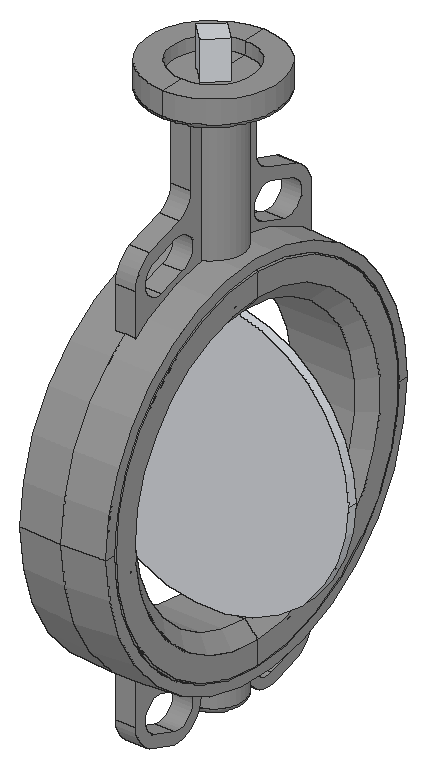
Revit family "HERZ Isolating Butterfly Valves ZF-4219", category Rohrzubehör, Revit 2021
Family settings
  Bemaßung runder Anschluss = Durchmesser verwenden
  Teiletyp = Unterbricht
  Arbeitsebenenbasiert = Nein
  Immer vertikal = Ja
  Beim Laden mit Abzugskörper schneiden = Nein
  Gemeinsam genutzt = Nein
Parameters
  Weight [instance] = size_lookup("4219_ZF", "M", 37.6, Nennweite)  # 16.6
  Vorgabe-Ansicht = 0 mm
  URL = "www.herzvalves.com"
  Spindle = "stainless steel ASTM-A276 / Type 316"  # constant formula
  Screws PN16 [instance] = if(Nennweite = 50 mm, "4x M16x100", if(Nennweite = 65 mm, "4x M16x100", if(Nennweite = 80 mm, "8x M16x100", if(Nennweite = 100 mm, "8x M16x110", if(Nennweite = 125 mm, "8x M16x120", if(Nennweite = 150 mm, "8x M20x120", if(Nennweite = 200 mm, "12x M20x130", if(Nennweite = 250 mm, "12x M24x140", "12x M24x160"))))))))  # "12x M20x130"
  Screws PN 6 [instance] = if(Nennweite = 50 mm, "4x M12x100", if(Nennweite = 65 mm, "4x M12x100", if(Nennweite = 80 mm, "4x M16x100", if(Nennweite = 100 mm, "4x M16x100", if(Nennweite = 125 mm, "8x M16x110", if(Nennweite = 150 mm, "8x M16x110", if(Nennweite = 200 mm, "--", if(Nennweite = 250 mm, "12x M16x130", "12xM16x140"))))))))  # "--"
  Screws PN10 [instance] = if(Nennweite = 50 mm, "4x M16x100", if(Nennweite = 65 mm, "4x M16x100", if(Nennweite = 80 mm, "4x M16x100", if(Nennweite = 100 mm, "4x M16x110", if(Nennweite = 125 mm, "8x M16x120", if(Nennweite = 150 mm, "8x M20x120", if(Nennweite = 200 mm, "8x M20x130", if(Nennweite = 250 mm, "12x M20x130", "12x M20x150"))))))))  # "8x M20x130"
  SCTWSEQ = "FW;SBT_TYP_FW=\"101\";2"
  SCTWCODE = "04;07;02"  # constant formula
  SCRNSEQ = "ARM;ARM_TYP=\"ALLF\";2"
  SCRNCODE = "05;13;02"  # constant formula
  R_Dichtung = 1.5 mm  # constant formula
  Part number [instance] = size_lookup("4219_ZF", "Artnr", 1421901, Nennweite)  # 1421927
  PN16 [instance] = or(Nennweite = 50 mm, Nennweite = 65 mm, Nennweite = 80 mm, Nennweite = 100 mm, Nennweite = 125 mm, Nennweite = 150 mm, Nennweite = 200 mm, Nennweite = 250 mm, Nennweite = 300 mm)  # yes
  PN10 [instance] = or(Nennweite = 50 mm, Nennweite = 65 mm, Nennweite = 80 mm, Nennweite = 100 mm, Nennweite = 125 mm, Nennweite = 150 mm, Nennweite = 200 mm, Nennweite = 250 mm, Nennweite = 300 mm)  # yes
  PN 6 [instance] = or(Nennweite = 50 mm, Nennweite = 65 mm, Nennweite = 80 mm, Nennweite = 100 mm, Nennweite = 125 mm, Nennweite = 150 mm, Nennweite = 250 mm, Nennweite = 300 mm)  # no
  PN = 16  # constant formula
  O-Ring = "EPDM according to ISO 1691"  # constant formula
  Nennweite [instance] = 200 mm
  Min. operating temperature = "-20.00 °C with appropriate water-glycol mixture"  # constant formula
  Medium = "Heating water quality according ÖNORM H5195 or VDI-Standard 2035. The use of ethylene or propylene glycol in a\nmixing ratio 25- 50% is allowed."
  Max. operating temperature = 110 °C  # constant formula
  LO1 [instance] = R05 + 10 mm  # 141 mm
  L16 [instance] = L01 - L13  # 236 mm
  L15 [instance] = L01 + L12  # 263 mm
  L14 [instance] = size_lookup("4219_ZF", "L_14", 44.4 mm, Nennweite)  # 61.5 mm
  L13 [instance] = size_lookup("4219_ZF", "L_13", 15 mm, Nennweite)  # 9 mm
  L12 [instance] = size_lookup("4219_ZF", "L_12", 15 mm, Nennweite)  # 18 mm
  L11 [instance] = size_lookup("4219_ZF", "L_11", 15 mm, Nennweite)  # 20 mm
  L10 [instance] = size_lookup("4219_ZF", "L_10", 16 mm, Nennweite)  # 16 mm
  L09 [instance] = size_lookup("4219_ZF", "L9", 29 mm, Nennweite)  # 44 mm
  L08 [instance] = size_lookup("4219_ZF", "L8", 43 mm, Nennweite)  # 60 mm
  L07 [instance] = size_lookup("4219_ZF", "L7", 3.5 mm, Nennweite)  # 4.5 mm
  L06 [instance] = size_lookup("4219_ZF", "L6", 18 mm, Nennweite)  # 32 mm
  L05 [instance] = size_lookup("4219_ZF", "L5", 35 mm, Nennweite)  # 50 mm
  L04 [instance] = size_lookup("4219_ZF", "L4", 35 mm, Nennweite)  # 17.5 mm
  L03 [instance] = size_lookup("4219_ZF", "L3", 35 mm, Nennweite)  # 152.5 mm
  L02 [instance] = size_lookup("4219_ZF", "L2", 35 mm, Nennweite)  # 109 mm
  L01 [instance] = size_lookup("4219_ZF", "L1", 35 mm, Nennweite)  # 245 mm
  Hersteller = "HERZ Armaturen Ges.m.b.H."  # constant formula
  H [instance] = size_lookup("4219_ZF", "H1", 9 mm, Nennweite)  # 17 mm
  Flange = "according to EN1092-2"  # constant formula
  Einbaudatum [instance] = ""
  Torque in Nm [instance] = size_lookup("4219_ZF", "NM", 350, Nennweite)  # 150
  Disc = "stainless steel 1.4408"  # constant formula
  DN300 [instance] = Nennweite = 300 mm  # no
  DN250 [instance] = Nennweite = 250 mm  # no
  DN200 [instance] = Nennweite = 200 mm  # yes
  DN150 [instance] = Nennweite = 150 mm  # no
  DN125 [instance] = Nennweite = 125 mm  # no
  DN100 [instance] = Nennweite = 100 mm  # no
  DN 80 [instance] = Nennweite = 80 mm  # no
  DN 65 [instance] = Nennweite = 65 mm  # no
  DN 50 [instance] = Nennweite = 50 mm  # no
  Chargennummer [instance] = ""
  Body sealing = "EPDM according to ISO 1691"  # constant formula
  Body = "GG, GJL-250/JL1040, according to EN1561"  # constant formula
  BD [instance] = size_lookup("4219_ZF", "DB", 24 mm, Nennweite)  # 193.6 mm
  D09 [instance] = size_lookup("4219_ZF", "D9", 24 mm, Nennweite)  # 96.5 mm
  D08 [instance] = size_lookup("4219_ZF", "D8", 47 mm, Nennweite)  # 14 mm
  D07 [instance] = size_lookup("4219_ZF", "D7", 47 mm, Nennweite)  # 27.5 mm
  D06 [instance] = size_lookup("4219_ZF", "D6", 47 mm, Nennweite)  # 44 mm
  R05 [instance] = size_lookup("4219_ZF", "D5", 47 mm, Nennweite)  # 131 mm
  D05 [instance] = R05 * 2  # 262 mm
  D04 [instance] = size_lookup("4219_ZF", "D4", 41 mm, Nennweite)  # 124 mm
  D03 [instance] = size_lookup("4219_ZF", "D3", 35.5 mm, Nennweite)  # 116.5 mm
  R01 [instance] = size_lookup("4219_ZF", "D1", 28 mm, Nennweite)  # 103.5 mm
  R02 [instance] = size_lookup("4219_ZF", "D2", 30 mm, Nennweite)  # 105.5 mm
  Application = "Suitable for fluids in building services, cold water systems, hot water saystems, etc."
Reference planes
  plane 1 "Mitte (Vorne/hinten)": y = 0
  plane 2: z = 0
  plane 3 "Mitte (Links/rechts)": x = 0
Forms (mm)
  Revolve 1, solid, material "Herz-Metall-blau", detail levels fine
    sketch origin (0, 0, 0) x (1, 0, 0) y (0, 1, 0)
      loop
        line (0, 132.724) -> (-30, 131) -> (-30, 124) -> (-22, 124) -> (-22, 116.5) -> (-23.5, 116.5)
        arc (-23.5, 116.5) -> (-24.561, 116.061) -> (-25, 115) r 1.5
        line (-25, 115) -> (-25, 105.824)
        arc (-25, 105.824) -> (-24.729, 104.964) -> (-24.013, 104.415) r 1.5
        line (-24.013, 104.415) -> (-20.5, 103.5) -> (-16, 103.5) -> (-16, 105.5) -> (16, 105.5) -> (16, 103.5) -> (20.5, 103.5) -> (24.013, 104.415)
        arc (24.013, 104.415) -> (24.729, 104.964) -> (25, 105.824) r 1.5
        line (25, 105.824) -> (25, 115)
        arc (25, 115) -> (24.561, 116.061) -> (23.5, 116.5) r 1.5
        line (23.5, 116.5) -> (22, 116.5) -> (22, 124) -> (30, 124) -> (30, 131) -> (0, 132.724)
      axis (30, 0) -> (-30, 0)
    angle from 0 to 360
  Extrusion 2, solid, material "Herz-Metall-blau", visible <- "DN 50", detail levels fine
    sketch origin (0, 0, 0) x (0, 1, 0) y (0, 0, 1)
      loop
        line (20, 54.051) -> (20.008, 111.113) -> (16.897, 110.952)
        arc (16.897, 110.952) -> (15.55, 110.331) -> (15, 108.954) r 2
        line (15, 108.954) -> (15, 44.542)
        arc (15, 44.542) -> (31.465, 34.913) -> (42.748, 19.534) r 47
        arc (42.748, 19.534) -> (42.633, 20.873) -> (43.392, 21.983) r 2
        line (43.392, 21.983) -> (54.714, 30.209)
        arc (54.714, 30.209) -> (56.569, 56.569) -> (30.209, 54.714) r 17.5
        line (30.209, 54.714) -> (27.87, 51.494)
        arc (27.87, 51.494) -> (23.006, 49.914) -> (20, 54.051) r 4.35
      loop
        arc (32.065, 41.998) -> (33.588, 33.588) -> (41.998, 32.065) r 7.5
        line (41.998, 32.065) -> (48.502, 35.17)
        arc (48.502, 35.17) -> (51.265, 51.265) -> (35.17, 48.502) r 10
        line (35.17, 48.502) -> (32.065, 41.998)
      loop
        arc (-20, 54.051) -> (-23.006, 49.914) -> (-27.87, 51.494) r 4.35
        line (-27.87, 51.494) -> (-30.209, 54.714)
        arc (-30.209, 54.714) -> (-56.569, 56.569) -> (-54.714, 30.209) r 17.5
        line (-54.714, 30.209) -> (-43.392, 21.983)
        arc (-43.392, 21.983) -> (-42.633, 20.873) -> (-42.748, 19.534) r 2
        arc (-42.748, 19.534) -> (-31.465, 34.913) -> (-15, 44.542) r 47
        line (-15, 44.542) -> (-15, 108.954)
        arc (-15, 108.954) -> (-15.55, 110.331) -> (-16.897, 110.952) r 2
        line (-16.897, 110.952) -> (-20.008, 111.113) -> (-20, 54.051)
      loop
        line (-32.065, 41.998) -> (-35.17, 48.502)
        arc (-35.17, 48.502) -> (-51.265, 51.265) -> (-48.502, 35.17) r 10
        line (-48.502, 35.17) -> (-41.998, 32.065)
        arc (-41.998, 32.065) -> (-33.588, 33.588) -> (-32.065, 41.998) r 7.5
      loop
        line (32.065, -41.998) -> (35.17, -48.502)
        arc (35.17, -48.502) -> (51.265, -51.265) -> (48.502, -35.17) r 10
        line (48.502, -35.17) -> (41.998, -32.065)
        arc (41.998, -32.065) -> (33.588, -33.588) -> (32.065, -41.998) r 7.5
      loop
        line (54.714, -30.209) -> (43.392, -21.983)
        arc (43.392, -21.983) -> (42.633, -20.873) -> (42.748, -19.534) r 2
        arc (42.748, -19.534) -> (33.234, -33.234) -> (19.534, -42.748) r 47
        arc (19.534, -42.748) -> (20.873, -42.633) -> (21.983, -43.392) r 2
        line (21.983, -43.392) -> (30.209, -54.714)
        arc (30.209, -54.714) -> (56.569, -56.569) -> (54.714, -30.209) r 17.5
      loop
        arc (-32.065, -41.998) -> (-33.588, -33.588) -> (-41.998, -32.065) r 7.5
        line (-41.998, -32.065) -> (-48.502, -35.17)
        arc (-48.502, -35.17) -> (-51.265, -51.265) -> (-35.17, -48.502) r 10
        line (-35.17, -48.502) -> (-32.065, -41.998)
      loop
        arc (-54.714, -30.209) -> (-56.569, -56.569) -> (-30.209, -54.714) r 17.5
        line (-30.209, -54.714) -> (-21.983, -43.392)
        arc (-21.983, -43.392) -> (-20.873, -42.633) -> (-19.534, -42.748) r 2
        arc (-19.534, -42.748) -> (-33.234, -33.234) -> (-42.748, -19.534) r 47
        arc (-42.748, -19.534) -> (-42.633, -20.873) -> (-43.392, -21.983) r 2
        line (-43.392, -21.983) -> (-54.714, -30.209)
    from -4.5 to 4.5
  Extrusion 3, solid, material "Herz-Metall-blau", visible <- "DN 65", detail levels fine
    sketch origin (0, 0, 0) x (0, 1, 0) y (0, 0, 1)
      loop
        arc (51.659, 21.619) -> (51.541, 22.778) -> (52.089, 23.805) r 2
        line (52.089, 23.805) -> (65.407, 37.123)
        arc (65.407, 37.123) -> (65.407, 65.407) -> (37.123, 65.407) r 20
        line (37.123, 65.407) -> (29.414, 57.699)
        arc (29.414, 57.699) -> (27.235, 57.265) -> (26, 59.113) r 2
        line (26, 59.113) -> (26, 136.154) -> (19.897, 135.838)
        arc (19.897, 135.838) -> (18.55, 135.218) -> (18, 133.841) r 2
        line (18, 133.841) -> (18, 53.028)
        arc (18, 53.028) -> (38.206, 40.942) -> (51.659, 21.619) r 56
      loop
        arc (55.637, 42.831) -> (57.983, 57.983) -> (42.831, 55.637) r 9.5
        line (42.831, 55.637) -> (39.647, 48.983)
        arc (39.647, 48.983) -> (41.012, 41.012) -> (48.983, 39.647) r 7
        line (48.983, 39.647) -> (55.637, 42.831)
      loop
        arc (51.659, -21.619) -> (39.598, -39.598) -> (21.619, -51.659) r 56
        arc (21.619, -51.659) -> (22.778, -51.541) -> (23.805, -52.089) r 2
        line (23.805, -52.089) -> (37.123, -65.407)
        arc (37.123, -65.407) -> (65.407, -65.407) -> (65.407, -37.123) r 20
        line (65.407, -37.123) -> (52.089, -23.805)
        arc (52.089, -23.805) -> (51.541, -22.778) -> (51.659, -21.619) r 2
      loop
        line (55.637, -42.831) -> (48.983, -39.647)
        arc (48.983, -39.647) -> (41.012, -41.012) -> (39.647, -48.983) r 7
        line (39.647, -48.983) -> (42.831, -55.637)
        arc (42.831, -55.637) -> (57.983, -57.983) -> (55.637, -42.831) r 9.5
      loop
        arc (-51.659, -21.619) -> (-51.541, -22.778) -> (-52.089, -23.805) r 2
        line (-52.089, -23.805) -> (-65.407, -37.123)
        arc (-65.407, -37.123) -> (-65.407, -65.407) -> (-37.123, -65.407) r 20
        line (-37.123, -65.407) -> (-23.805, -52.089)
        arc (-23.805, -52.089) -> (-22.778, -51.541) -> (-21.619, -51.659) r 2
        arc (-21.619, -51.659) -> (-39.598, -39.598) -> (-51.659, -21.619) r 56
      loop
        arc (-55.637, -42.831) -> (-57.983, -57.983) -> (-42.831, -55.637) r 9.5
        line (-42.831, -55.637) -> (-39.647, -48.983)
        arc (-39.647, -48.983) -> (-41.012, -41.012) -> (-48.983, -39.647) r 7
        line (-48.983, -39.647) -> (-55.637, -42.831)
      loop
        arc (-51.659, 21.619) -> (-38.206, 40.942) -> (-18, 53.028) r 56
        line (-18, 53.028) -> (-18, 133.838)
        arc (-18, 133.838) -> (-18.55, 135.215) -> (-19.897, 135.835) r 2
        line (-19.897, 135.835) -> (-26, 136.151) -> (-26, 59.113)
        arc (-26, 59.113) -> (-27.235, 57.265) -> (-29.414, 57.699) r 2
        line (-29.414, 57.699) -> (-37.123, 65.407)
        arc (-37.123, 65.407) -> (-65.407, 65.407) -> (-65.407, 37.123) r 20
        line (-65.407, 37.123) -> (-52.089, 23.805)
        arc (-52.089, 23.805) -> (-51.541, 22.778) -> (-51.659, 21.619) r 2
      loop
        line (-55.637, 42.831) -> (-48.983, 39.647)
        arc (-48.983, 39.647) -> (-41.012, 41.012) -> (-39.647, 48.983) r 7
        line (-39.647, 48.983) -> (-42.831, 55.637)
        arc (-42.831, 55.637) -> (-57.983, 57.983) -> (-55.637, 42.831) r 9.5
    from -4.5 to 4.5
  Extrusion 4, solid, material "Herz-Metall-blau", visible <- "DN 80", detail levels fine
    sketch origin (0, 0, 0) x (0, 1, 0) y (0, 0, 1)
      loop
        line (26, 143.161) -> (20.397, 142.871)
        arc (20.397, 142.871) -> (19.05, 142.251) -> (18.5, 140.874) r 2
        line (18.5, 140.874) -> (18.5, 62.833)
        arc (18.5, 62.833) -> (41.296, 50.842) -> (57.706, 30.989) r 65.5
        arc (57.706, 30.989) -> (57.482, 32.176) -> (57.983, 33.275) r 2
        line (57.983, 33.275) -> (67.23, 43.52)
        arc (67.23, 43.52) -> (70.328, 54.798) -> (65.407, 65.407) r 17
        line (65.407, 65.407) -> (42.005, 86.53)
        arc (42.005, 86.53) -> (37.832, 89.302) -> (33.031, 90.738) r 17
        arc (33.031, 90.738) -> (27.974, 93.895) -> (26, 99.52) r 9
        line (26, 99.52) -> (26, 143.161)
      loop
        circle (30.615, 73.91) r 9.5
      loop
        circle (53.387, 53.387) r 9.5
      loop
        arc (57.706, -30.989) -> (41.296, -50.842) -> (18.5, -62.833) r 65.5
        line (18.5, -62.833) -> (18.5, -85.837)
        arc (18.5, -85.837) -> (30.113, -90.903) -> (42.005, -86.53) r 17
        line (42.005, -86.53) -> (65.407, -65.407)
        arc (65.407, -65.407) -> (70.328, -54.798) -> (67.23, -43.52) r 17
        line (67.23, -43.52) -> (57.983, -33.275)
        arc (57.983, -33.275) -> (57.482, -32.176) -> (57.706, -30.989) r 2
      loop
        circle (30.615, -73.91) r 9.5
      loop
        circle (53.387, -53.387) r 9.5
      loop
        arc (-57.706, -30.989) -> (-57.482, -32.176) -> (-57.983, -33.275) r 2
        line (-57.983, -33.275) -> (-67.23, -43.52)
        arc (-67.23, -43.52) -> (-70.328, -54.798) -> (-65.407, -65.407) r 17
        line (-65.407, -65.407) -> (-42.005, -86.53)
        arc (-42.005, -86.53) -> (-30.113, -90.903) -> (-18.5, -85.837) r 17
        line (-18.5, -85.837) -> (-18.5, -62.833)
        arc (-18.5, -62.833) -> (-41.296, -50.842) -> (-57.706, -30.989) r 65.5
      loop
        circle (-30.615, -73.91) r 9.5
      loop
        circle (-53.387, -53.387) r 9.5
      loop
        line (-26, 143.179) -> (-26, 99.52)
        arc (-26, 99.52) -> (-27.974, 93.895) -> (-33.031, 90.738) r 9
        arc (-33.031, 90.738) -> (-37.832, 89.302) -> (-42.005, 86.53) r 17
        line (-42.005, 86.53) -> (-65.407, 65.407)
        arc (-65.407, 65.407) -> (-70.328, 54.798) -> (-67.23, 43.52) r 17
        line (-67.23, 43.52) -> (-57.983, 33.275)
        arc (-57.983, 33.275) -> (-57.482, 32.176) -> (-57.706, 30.989) r 2
        arc (-57.706, 30.989) -> (-41.296, 50.842) -> (-18.5, 62.833) r 65.5
        line (-18.5, 62.833) -> (-18.5, 140.891)
        arc (-18.5, 140.891) -> (-19.05, 142.268) -> (-20.397, 142.888) r 2
        line (-20.397, 142.888) -> (-26, 143.179)
      loop
        circle (-30.615, 73.91) r 9.5
      loop
        circle (-53.387, 53.387) r 9.5
    from -4.5 to 4.5
  Extrusion 5, solid, material "Herz-Metall-blau", visible <- "DN100", detail levels fine
    sketch origin (0, 0, 0) x (0, 1, 0) y (0, 0, 1)
      loop
        line (64.131, 38.887) -> (73.681, 49.873)
        arc (73.681, 49.873) -> (77.063, 61.29) -> (72.125, 72.125) r 17
        line (72.125, 72.125) -> (45.809, 95.79)
        arc (45.809, 95.79) -> (41.366, 98.675) -> (36.25, 100.053) r 17
        arc (36.25, 100.053) -> (28.882, 104.596) -> (26, 112.759) r 13
        line (26, 112.759) -> (26, 166.173) -> (20.397, 165.883)
        arc (20.397, 165.883) -> (19.05, 165.263) -> (18.5, 163.886) r 2
        line (18.5, 163.886) -> (18.5, 72.683)
        arc (18.5, 72.683) -> (44.637, 60.27) -> (64.131, 38.887) r 75
      loop
        circle (60.104, 60.104) r 9.5
      loop
        circle (34.442, 83.149) r 9.5
      loop
        arc (64.131, -38.887) -> (44.637, -60.27) -> (18.5, -72.683) r 75
        line (18.5, -72.683) -> (18.5, -95.329)
        arc (18.5, -95.329) -> (21.473, -95.603) -> (24.233, -96.743) r 10
        arc (24.233, -96.743) -> (35.191, -100.133) -> (45.809, -95.79) r 17
        line (45.809, -95.79) -> (72.125, -72.125)
        arc (72.125, -72.125) -> (77.063, -61.29) -> (73.681, -49.873) r 17
        line (73.681, -49.873) -> (64.131, -38.887)
      loop
        circle (60.104, -60.104) r 9.5
      loop
        circle (34.442, -83.149) r 9.5
      loop
        line (-64.131, -38.887) -> (-73.681, -49.873)
        arc (-73.681, -49.873) -> (-77.063, -61.29) -> (-72.125, -72.125) r 17
        line (-72.125, -72.125) -> (-45.809, -95.79)
        arc (-45.809, -95.79) -> (-35.191, -100.133) -> (-24.233, -96.743) r 17
        arc (-24.233, -96.743) -> (-21.473, -95.603) -> (-18.5, -95.329) r 10
        line (-18.5, -95.329) -> (-18.5, -72.683)
        arc (-18.5, -72.683) -> (-44.637, -60.27) -> (-64.131, -38.887) r 75
      loop
        circle (-60.104, -60.104) r 9.5
      loop
        circle (-34.442, -83.149) r 9.5
      loop
        arc (-64.131, 38.887) -> (-44.637, 60.27) -> (-18.5, 72.683) r 75
        line (-18.5, 72.683) -> (-18.5, 163.876)
        arc (-18.5, 163.876) -> (-19.05, 165.253) -> (-20.397, 165.873) r 2
        line (-20.397, 165.873) -> (-26, 166.164) -> (-26, 112.759)
        arc (-26, 112.759) -> (-28.882, 104.596) -> (-36.25, 100.053) r 13
        arc (-36.25, 100.053) -> (-41.366, 98.675) -> (-45.809, 95.79) r 17
        line (-45.809, 95.79) -> (-72.125, 72.125)
        arc (-72.125, 72.125) -> (-77.063, 61.29) -> (-73.681, 49.873) r 17
        line (-73.681, 49.873) -> (-64.131, 38.887)
      loop
        circle (-60.104, 60.104) r 9.5
      loop
        circle (-34.442, 83.149) r 9.5
    from -4.5 to 4.5
  Extrusion 6, solid, material "Herz-Metall-blau", visible <- "DN125", detail levels fine
    sketch origin (0, 0, 0) x (0, 1, 0) y (0, 0, 1)
      loop
        arc (75.229, 48.945) -> (74.917, 50.244) -> (75.492, 51.45) r 2
        line (75.492, 51.45) -> (82.731, 58.69)
        arc (82.731, 58.69) -> (87.711, 70.711) -> (82.731, 82.731) r 17
        line (82.731, 82.731) -> (51.291, 109.875)
        arc (51.291, 109.875) -> (46.108, 112.941) -> (40.182, 114.007) r 17
        line (40.182, 114.007) -> (38, 114.007)
        arc (38, 114.007) -> (29.515, 117.522) -> (26, 126.007) r 12
        line (26, 126.007) -> (26, 185.157) -> (20.397, 184.867)
        arc (20.397, 184.867) -> (19.05, 184.246) -> (18.5, 182.869) r 2
        line (18.5, 182.869) -> (18.5, 87.823)
        arc (18.5, 87.823) -> (50.736, 74.033) -> (75.229, 48.945) r 89.75
      loop
        circle (40.182, 97.007) r 9.5
      loop
        circle (70.711, 70.711) r 9.5
      loop
        arc (75.229, -48.945) -> (50.736, -74.033) -> (18.5, -87.823) r 89.75
        line (18.5, -87.823) -> (18.5, -108.431)
        arc (18.5, -108.431) -> (24.248, -107.655) -> (29.46, -110.2) r 10
        arc (29.46, -110.2) -> (40.434, -114.005) -> (51.291, -109.875) r 17
        line (51.291, -109.875) -> (82.731, -82.731)
        arc (82.731, -82.731) -> (87.711, -70.711) -> (82.731, -58.69) r 17
        line (82.731, -58.69) -> (75.492, -51.45)
        arc (75.492, -51.45) -> (74.917, -50.244) -> (75.229, -48.945) r 2
      loop
        circle (40.182, -97.007) r 9.5
      loop
        circle (70.711, -70.711) r 9.5
      loop
        arc (-75.229, -48.945) -> (-74.917, -50.244) -> (-75.492, -51.45) r 2
        line (-75.492, -51.45) -> (-82.731, -58.69)
        arc (-82.731, -58.69) -> (-87.711, -70.711) -> (-82.731, -82.731) r 17
        line (-82.731, -82.731) -> (-51.291, -109.875)
        arc (-51.291, -109.875) -> (-40.434, -114.005) -> (-29.46, -110.2) r 17
        arc (-29.46, -110.2) -> (-24.248, -107.655) -> (-18.5, -108.431) r 10
        line (-18.5, -108.431) -> (-18.5, -87.823)
        arc (-18.5, -87.823) -> (-50.736, -74.033) -> (-75.229, -48.945) r 89.75
      loop
        circle (-40.182, -97.007) r 9.5
      loop
        circle (-70.711, -70.711) r 9.5
      loop
        arc (-75.229, 48.945) -> (-50.736, 74.033) -> (-18.5, 87.823) r 89.75
        line (-18.5, 87.823) -> (-18.5, 182.852)
        arc (-18.5, 182.852) -> (-19.05, 184.23) -> (-20.397, 184.85) r 2
        line (-20.397, 184.85) -> (-26, 185.14) -> (-26, 126.007)
        arc (-26, 126.007) -> (-29.515, 117.522) -> (-38, 114.007) r 12
        line (-38, 114.007) -> (-40.182, 114.007)
        arc (-40.182, 114.007) -> (-46.108, 112.941) -> (-51.291, 109.875) r 17
        line (-51.291, 109.875) -> (-82.731, 82.731)
        arc (-82.731, 82.731) -> (-87.711, 70.711) -> (-82.731, 58.69) r 17
        line (-82.731, 58.69) -> (-75.492, 51.45)
        arc (-75.492, 51.45) -> (-74.917, 50.244) -> (-75.229, 48.945) r 2
      loop
        circle (-40.182, 97.007) r 9.5
      loop
        circle (-70.711, 70.711) r 9.5
    from -6 to 6
  Extrusion 7, solid, material "Herz-Metall-blau", visible <- "DN150", detail levels fine
    sketch origin (0, 0, 0) x (0, 1, 0) y (0, 0, 1)
      loop
        line (83.495, 59.454) -> (91.57, 67.529)
        arc (91.57, 67.529) -> (96.55, 79.55) -> (91.57, 91.57) r 17
        line (91.57, 91.57) -> (57.511, 123.304)
        arc (57.511, 123.304) -> (45.758, 127.865) -> (34.095, 123.077) r 17
        arc (34.095, 123.077) -> (28.976, 122.416) -> (26, 126.633) r 5
        line (26, 126.633) -> (26, 198.177) -> (20.397, 197.887)
        arc (20.397, 197.887) -> (19.05, 197.267) -> (18.5, 195.889) r 2
        line (18.5, 195.889) -> (18.5, 100.817)
        arc (18.5, 100.817) -> (55.032, 86.474) -> (83.495, 59.454) r 102.5
      loop
        circle (45.922, 110.866) r 11.5
      loop
        circle (79.55, 79.55) r 9.5
      loop
        circle (45.922, -110.866) r 11.5
      loop
        circle (79.55, -79.55) r 9.5
      loop
        line (91.57, -67.529) -> (83.495, -59.454)
        arc (83.495, -59.454) -> (55.032, -86.474) -> (18.5, -100.817) r 102.5
        line (18.5, -100.817) -> (18.5, -123.208)
        arc (18.5, -123.208) -> (19.363, -121.755) -> (21.03, -121.482) r 2
        line (21.03, -121.482) -> (42.642, -127.546)
        arc (42.642, -127.546) -> (50.587, -127.213) -> (57.511, -123.304) r 17
        line (57.511, -123.304) -> (91.57, -91.57)
        arc (91.57, -91.57) -> (96.55, -79.55) -> (91.57, -67.529) r 17
      loop
        arc (-83.495, 59.454) -> (-55.032, 86.474) -> (-18.5, 100.817) r 102.5
        line (-18.5, 100.817) -> (-18.5, 195.875)
        arc (-18.5, 195.875) -> (-19.05, 197.252) -> (-20.397, 197.872) r 2
        line (-20.397, 197.872) -> (-26, 198.163) -> (-26, 126.633)
        arc (-26, 126.633) -> (-28.976, 122.416) -> (-34.095, 123.077) r 5
        arc (-34.095, 123.077) -> (-45.758, 127.865) -> (-57.511, 123.304) r 17
        line (-57.511, 123.304) -> (-91.57, 91.57)
        arc (-91.57, 91.57) -> (-96.55, 79.55) -> (-91.57, 67.529) r 17
        line (-91.57, 67.529) -> (-83.495, 59.454)
      loop
        circle (-45.922, 110.866) r 11.5
      loop
        circle (-79.55, 79.55) r 9.5
      loop
        circle (-45.922, -110.866) r 11.5
      loop
        circle (-79.55, -79.55) r 9.5
      loop
        arc (-91.57, -67.529) -> (-96.55, -79.55) -> (-91.57, -91.57) r 17
        line (-91.57, -91.57) -> (-57.511, -123.304)
        arc (-57.511, -123.304) -> (-50.587, -127.213) -> (-42.642, -127.546) r 17
        line (-42.642, -127.546) -> (-21.03, -121.482)
        arc (-21.03, -121.482) -> (-19.363, -121.755) -> (-18.5, -123.208) r 2
        line (-18.5, -123.208) -> (-18.5, -100.817)
        arc (-18.5, -100.817) -> (-55.032, -86.474) -> (-83.495, -59.454) r 102.5
        line (-83.495, -59.454) -> (-91.57, -67.529)
    from -7 to 7
  Extrusion 8, solid, material "Herz-Metall-blau", visible <- "DN200", detail levels fine
    sketch origin (0, 0, 0) x (0, 1, 0) y (0, 0, 1)
      loop
        arc (42.048, 153.832) -> (26.654, 145.827) -> (35.349, 130.812) r 12
        line (35.349, 130.812) -> (53.31, 124.689)
        arc (53.31, 124.689) -> (67.804, 132.4) -> (61.038, 147.359) r 12
        line (61.038, 147.359) -> (42.048, 153.832)
      loop
        line (28, 226.273) -> (22.065, 226.047)
        arc (22.065, 226.047) -> (20.655, 225.469) -> (20, 224.092) r 2.114
        line (20, 224.092) -> (20, 129.471)
        arc (20, 129.471) -> (49.604, 121.273) -> (76.485, 106.406) r 130.989
        line (76.485, 106.406) -> (76.485, 136.265)
        arc (76.485, 136.265) -> (73.108, 147.391) -> (64.117, 154.764) r 20.019
        line (64.117, 154.764) -> (38.16, 163.592)
        arc (38.16, 163.592) -> (30.802, 169.06) -> (28, 177.79) r 15
        line (28, 177.79) -> (28, 226.273)
      loop
        line (42.048, -153.832) -> (61.038, -147.359)
        arc (61.038, -147.359) -> (67.804, -132.4) -> (53.31, -124.689) r 12
        line (53.31, -124.689) -> (35.349, -130.812)
        arc (35.349, -130.812) -> (26.654, -145.827) -> (42.048, -153.832) r 12
      loop
        arc (76.446, -106.382) -> (49.585, -121.253) -> (20, -129.464) r 131
        line (20, -129.464) -> (20, -141.835)
        arc (20, -141.835) -> (28.361, -158.099) -> (46.453, -160.765) r 20
        line (46.453, -160.765) -> (64.099, -154.75)
        arc (64.099, -154.75) -> (73.075, -147.384) -> (76.446, -136.272) r 20
        line (76.446, -136.272) -> (76.446, -106.382)
      loop
        arc (-42.048, -153.832) -> (-26.654, -145.827) -> (-35.349, -130.812) r 12
        line (-35.349, -130.812) -> (-53.31, -124.689)
        arc (-53.31, -124.689) -> (-67.804, -132.4) -> (-61.038, -147.359) r 12
        line (-61.038, -147.359) -> (-42.048, -153.832)
      loop
        line (-76.446, -106.382) -> (-76.446, -136.272)
        arc (-76.446, -136.272) -> (-73.075, -147.384) -> (-64.099, -154.75) r 20
        line (-64.099, -154.75) -> (-46.453, -160.765)
        arc (-46.453, -160.765) -> (-28.361, -158.099) -> (-20, -141.835) r 20
        line (-20, -141.835) -> (-20, -129.464)
        arc (-20, -129.464) -> (-49.585, -121.253) -> (-76.446, -106.382) r 131
      loop
        line (-42.048, 153.832) -> (-61.038, 147.359)
        arc (-61.038, 147.359) -> (-67.804, 132.4) -> (-53.31, 124.689) r 12
        line (-53.31, 124.689) -> (-35.349, 130.812)
        arc (-35.349, 130.812) -> (-26.654, 145.827) -> (-42.048, 153.832) r 12
      loop
        line (-28, 226.278) -> (-28, 177.79)
        arc (-28, 177.79) -> (-30.802, 169.06) -> (-38.16, 163.592) r 15
        line (-38.16, 163.592) -> (-64.117, 154.764)
        arc (-64.117, 154.764) -> (-73.108, 147.391) -> (-76.485, 136.265) r 20.019
        line (-76.485, 136.265) -> (-76.485, 106.406)
        arc (-76.485, 106.406) -> (-49.604, 121.273) -> (-20, 129.471) r 130.989
        line (-20, 129.471) -> (-20, 224.098)
        arc (-20, 224.098) -> (-20.655, 225.475) -> (-22.065, 226.053) r 2.114
        line (-22.065, 226.053) -> (-28, 226.278)
    from -7 to 7
  Extrusion 9, solid, material "Herz-Metall-blau", visible <- "DN250", detail levels fine
    sketch origin (0, 0, 0) x (0, 1, 0) y (0, 0, 1)
      loop
        arc (-95.9, 125.382) -> (-61.406, 145.382) -> (-23, 156.095) r 157.75
        line (-23, 156.095) -> (-23, 258.814)
        arc (-23, 258.814) -> (-23.588, 260.113) -> (-24.893, 260.69) r 2
        line (-24.893, 260.69) -> (-32, 261.058) -> (-32, 187.712)
        arc (-32, 187.712) -> (-33.507, 185.205) -> (-36.428, 185.359) r 2.84
        arc (-36.428, 185.359) -> (-43.951, 188.152) -> (-51.918, 187.184) r 17
        line (-51.918, 187.184) -> (-97.072, 155.872)
        arc (-97.072, 155.872) -> (-100.207, 149.167) -> (-100.195, 141.765) r 17
        line (-100.195, 141.765) -> (-95.9, 125.382)
      loop
        circle (-83.608, 145.492) r 9.5
      loop
        circle (-45.549, 171.269) r 14
      loop
        arc (96.192, -125.349) -> (61.575, -145.51) -> (23, -156.317) r 157.999
        line (23, -156.317) -> (23, -181.388) -> (27.217, -181.388)
        arc (27.217, -181.388) -> (30.142, -181.826) -> (32.812, -183.1) r 10
        line (32.812, -183.1) -> (36.428, -185.542)
        arc (36.428, -185.542) -> (44.468, -188.388) -> (52.878, -186.972) r 17
        line (52.878, -186.972) -> (97.463, -155.872)
        arc (97.463, -155.872) -> (100.598, -149.167) -> (100.586, -141.765) r 17
        line (100.586, -141.765) -> (96.192, -125.349)
      loop
        circle (84, -145.492) r 9.5
      loop
        circle (45.94, -171.452) r 14
      loop
        line (-96.192, -125.349) -> (-100.586, -141.765)
        arc (-100.586, -141.765) -> (-100.598, -149.167) -> (-97.463, -155.872) r 17
        line (-97.463, -155.872) -> (-52.878, -186.972)
        arc (-52.878, -186.972) -> (-44.468, -188.388) -> (-36.428, -185.542) r 17
        line (-36.428, -185.542) -> (-32.812, -183.1)
        arc (-32.812, -183.1) -> (-30.142, -181.826) -> (-27.217, -181.388) r 10
        line (-27.217, -181.388) -> (-23, -181.388) -> (-23, -156.317)
        arc (-23, -156.317) -> (-61.575, -145.51) -> (-96.192, -125.349) r 157.999
      loop
        circle (-84, -145.492) r 9.5
      loop
        circle (-45.94, -171.452) r 14
      loop
        line (95.9, 125.2) -> (100.195, 141.582)
        arc (100.195, 141.582) -> (100.207, 148.984) -> (97.072, 155.689) r 17
        line (97.072, 155.689) -> (51.919, 187.036)
        arc (51.919, 187.036) -> (43.952, 188.006) -> (36.428, 185.212) r 17
        arc (36.428, 185.212) -> (33.507, 185.058) -> (32, 187.566) r 2.84
        line (32, 187.566) -> (32, 261.045) -> (24.893, 260.677)
        arc (24.893, 260.677) -> (23.588, 260.1) -> (23, 258.801) r 2
        line (23, 258.801) -> (23, 155.948)
        arc (23, 155.948) -> (61.411, 145.223) -> (95.9, 125.2) r 157.605
      loop
        circle (83.608, 145.31) r 9.5
      loop
        circle (45.549, 171.122) r 14
    from -9 to 9
  Extrusion 10, solid, material "Herz-Metall-blau", visible <- "DN300", detail levels fine
    sketch origin (0, 0, 0) x (0, 1, 0) y (0, 0, 1)
      loop
        arc (62.57, 187.834) -> (56.268, 211.23) -> (39.112, 194.12) r 14
        line (39.112, 194.12) -> (40.223, 189.928)
        arc (40.223, 189.928) -> (48.374, 181.769) -> (59.504, 184.767) r 11.5
        line (59.504, 184.767) -> (62.57, 187.834)
      loop
        circle (98.337, 170.892) r 12
      loop
        arc (113.094, 162.454) -> (114.748, 175.326) -> (106.837, 185.615) r 17
        line (106.837, 185.615) -> (61.701, 211.919)
        arc (61.701, 211.919) -> (54.44, 214.463) -> (46.806, 213.516) r 16.852
        arc (46.806, 213.516) -> (36.904, 213.681) -> (32, 222.285) r 10
        line (32, 222.285) -> (32, 286.38) -> (24.895, 286.033)
        arc (24.895, 286.033) -> (23.576, 285.442) -> (23, 284.117) r 2
        line (23, 284.117) -> (23, 181.202)
        arc (23, 181.202) -> (65.613, 170.505) -> (104.437, 149.94) r 182.63
        line (104.437, 149.94) -> (113.094, 162.454)
      loop
        line (62.984, -188.142) -> (59.917, -185.075)
        arc (59.917, -185.075) -> (48.787, -182.077) -> (40.637, -190.235) r 11.5
        line (40.637, -190.235) -> (39.525, -194.427)
        arc (39.525, -194.427) -> (56.681, -211.538) -> (62.984, -188.142) r 14
      loop
        circle (98.75, -171.04) r 12
      loop
        line (113.508, -162.601) -> (104.75, -150.055)
        arc (104.75, -150.055) -> (65.787, -170.766) -> (23, -181.549) r 183
        line (23, -181.549) -> (23, -206.327)
        arc (23, -206.327) -> (24.157, -204.218) -> (26.558, -204.062) r 2.5
        line (26.558, -204.062) -> (45.918, -213.443)
        arc (45.918, -213.443) -> (53.906, -214.994) -> (61.701, -212.654) r 17
        line (61.701, -212.654) -> (107.25, -185.762)
        arc (107.25, -185.762) -> (115.162, -175.474) -> (113.508, -162.601) r 17
      loop
        arc (-62.984, -188.142) -> (-56.681, -211.538) -> (-39.525, -194.427) r 14
        line (-39.525, -194.427) -> (-40.637, -190.235)
        arc (-40.637, -190.235) -> (-48.787, -182.077) -> (-59.917, -185.075) r 11.5
        line (-59.917, -185.075) -> (-62.984, -188.142)
      loop
        circle (-98.75, -171.04) r 12
      loop
        arc (-113.508, -162.601) -> (-115.162, -175.474) -> (-107.25, -185.762) r 17
        line (-107.25, -185.762) -> (-61.701, -212.654)
        arc (-61.701, -212.654) -> (-53.906, -214.994) -> (-45.918, -213.443) r 17
        line (-45.918, -213.443) -> (-26.558, -204.062)
        arc (-26.558, -204.062) -> (-24.157, -204.218) -> (-23, -206.327) r 2.5
        line (-23, -206.327) -> (-23, -181.549)
        arc (-23, -181.549) -> (-65.787, -170.766) -> (-104.75, -150.055) r 183
        line (-104.75, -150.055) -> (-113.508, -162.601)
      loop
        line (-62.574, 188.142) -> (-59.508, 185.075)
        arc (-59.508, 185.075) -> (-48.378, 182.077) -> (-40.227, 190.235) r 11.5
        line (-40.227, 190.235) -> (-39.116, 194.427)
        arc (-39.116, 194.427) -> (-56.272, 211.538) -> (-62.574, 188.142) r 14
      loop
        circle (-98.34, 171.04) r 12
      loop
        line (-113.098, 162.601) -> (-104.44, 150.087)
        arc (-104.44, 150.087) -> (-65.611, 170.637) -> (-23, 181.326) r 182.753
        line (-23, 181.326) -> (-23, 284.115)
        arc (-23, 284.115) -> (-23.577, 285.441) -> (-24.896, 286.032) r 2
        line (-24.896, 286.032) -> (-32, 286.379) -> (-32, 222.593)
        arc (-32, 222.593) -> (-37.217, 213.811) -> (-47.425, 214.193) r 10
        arc (-47.425, 214.193) -> (-54.523, 214.911) -> (-61.291, 212.654) r 17
        line (-61.291, 212.654) -> (-106.84, 185.762)
        arc (-106.84, 185.762) -> (-114.752, 175.474) -> (-113.098, 162.601) r 17
    from -9 to 9
  Revolve 11, solid, material "Herz-Metall-blau"
    sketch origin (0, 0, 0) x (0, 1, 0) y (0, 0, 1)
      loop
        line (0, -131) -> (0, -152.5) -> (17, -152.5)
        arc (17, -152.5) -> (19.121, -151.621) -> (20, -149.5) r 3
        line (20, -149.5) -> (20, -129.464)
        arc (20, -129.464) -> (10.029, -130.616) -> (0, -131) r 131
      axis (0, -129.464) -> (0, -152.5)
    angle from 0 to 360
  Revolve 12, solid, material "Herz-Metall-blau"
    sketch origin (0, 0, 0) x (0, 1, 0) y (0, 0, 1)
      loop
        line (0, 236) -> (0, 131)
        arc (0, 131) -> (10.029, 130.616) -> (20, 129.464) r 131
        line (20, 129.464) -> (20, 223.944)
        arc (20, 223.944) -> (20.549, 225.32) -> (21.895, 225.941) r 2
        line (21.895, 225.941) -> (42.105, 227)
        arc (42.105, 227) -> (43.451, 227.621) -> (44, 228.997) r 2
        line (44, 228.997) -> (44, 245) -> (27.5, 245) -> (27.5, 236) -> (0, 236)
      axis (0, 245) -> (0, 129.464)
    angle from 0 to 360
  Revolve 13, solid, material "Gummi"
    sketch origin (0, 0, 0) x (1, 0, 0) y (0, 0, 1)
      loop
        arc (-29.258, 124) -> (-30.313, 123.563) -> (-30.75, 122.508) r 1.492
        line (-30.75, 122.508) -> (-30.75, 105.718) -> (-22, 96.5) -> (22, 96.5) -> (30.75, 106.945) -> (30.75, 123)
        arc (30.75, 123) -> (30.457, 123.707) -> (29.75, 124) r 1
        line (29.75, 124) -> (22, 124) -> (22, 116.5) -> (23.5, 116.5)
        arc (23.5, 116.5) -> (24.561, 116.061) -> (25, 115) r 1.5
        line (25, 115) -> (25, 105.988)
        arc (25, 105.988) -> (24.622, 104.993) -> (23.68, 104.499) r 1.5
        line (23.68, 104.499) -> (20.5, 103.5) -> (16.527, 103.5) -> (16.527, 105.5) -> (-15.473, 105.5) -> (-15.473, 103.5) -> (-20.5, 103.5) -> (-23.68, 104.499)
        arc (-23.68, 104.499) -> (-24.622, 104.993) -> (-25, 105.988) r 1.5
        line (-25, 105.988) -> (-25, 115)
        arc (-25, 115) -> (-24.561, 116.061) -> (-23.5, 116.5) r 1.5
        line (-23.5, 116.5) -> (-22, 116.5) -> (-22, 124) -> (-29.258, 124)
      axis (-30.75, 0) -> (30.75, 0)
    angle from 0 to 360
  Extrusion 14, solid, detail levels fine
    sketch origin (0, 0, 0) x (1, 0, 0) y (0, 0, 1)
      loop
        circle (0, 0) r 96.8
    from -3 to 3
  Extrusion 15, solid, detail levels fine
    sketch origin (0, 0, 0) x (1, 0, 0) y (0, 1, 0)
      loop
        line (0, 12.021) -> (-12.021, 0) -> (0, -12.021) -> (12.021, 0) -> (0, 12.021)
    from 236 <- "L16" to 263 <- "L15"
Lines and regions (mm)
  model lines, detail levels coarse+medium
    curve 1: line (-30, 131, 0) -> (30, 131, 0)
    curve 2: line (-30, -131, 0) -> (-30, 131, 0)
    curve 3: line (30, -131, 0) -> (-30, -131, 0)
    curve 4: line (30, 131, 0) -> (30, -131, 0)
    curve 5: line (-30, 131, 0) -> (30, -131, 0)
    curve 6: circle (0, 0, 0) r 5 normal (0, 0, 1)
    curve 7: line (-30, 0, 131) -> (30, 0, 131)
    curve 8: line (-30, 0, -131) -> (-30, 0, 131)
    curve 9: line (30, 0, -131) -> (-30, 0, -131)
    curve 10: line (30, 0, 131) -> (30, 0, -131)
    curve 11: line (-30, 0, 131) -> (30, 0, -131)
    curve 12: circle (0, 0, 0) r 7 normal (0, -1, 0)
Dimensions and locks
  "L08": Revolve 1 sketch curve to Revolve 1 sketch curve
  equal spacing: Revolve 1 sketch curve, plane 3 "Mitte (Links/rechts)", Revolve 1 sketch curve  (x4)
  "L07": Revolve 1 sketch curve to Revolve 1 sketch curve  (x2)
  "L06": Revolve 1 sketch curve to Revolve 1 sketch curve
  "L05": Revolve 1 sketch curve to Revolve 1 sketch curve
  "L09": Revolve 1 sketch curve to Revolve 1 sketch curve
  "R05": plane 1 "Mitte (Vorne/hinten)" to Revolve 1 sketch curve  (x2)
  "D04": plane 1 "Mitte (Vorne/hinten)" to Revolve 1 sketch curve  (x2)
  "D03": plane 1 "Mitte (Vorne/hinten)" to Revolve 1 sketch curve  (x2)
  "R01": plane 1 "Mitte (Vorne/hinten)" to Revolve 1 sketch curve  (x2)
  "R02": plane 1 "Mitte (Vorne/hinten)" to Revolve 1 sketch curve
  equal spacing: curve 2, plane 3 "Mitte (Links/rechts)", curve 4
  equal spacing: curve 3, plane 1 "Mitte (Vorne/hinten)", curve 1
  "L08": curve 2 to curve 4
  "D05": curve 3 to curve 1
  equal spacing: curve 10, plane 3 "Mitte (Links/rechts)", curve 8
  equal spacing: curve 7, level, curve 9
  "D05": curve 7 to curve 9
  "L08": curve 8 to curve 10
  "L11": Revolve 11 sketch curve to plane 1 "Mitte (Vorne/hinten)"
  "L03": level to Revolve 11 sketch curve
  "R05": level to Revolve 11 sketch curve
  "R05": Revolve 12 sketch curve to curve 2
  "L11": Revolve 12 sketch curve to plane 1 "Mitte (Vorne/hinten)"
  "L01": Revolve 12 sketch curve to level
  "L12": Revolve 12 sketch curve to Revolve 12 sketch curve
  "L13": Revolve 12 sketch curve to Revolve 12 sketch curve
  "D07": Revolve 12 sketch curve to Revolve 12 sketch curve
  "D06": Revolve 12 sketch curve to Revolve 12 sketch curve
  Extrusion 10 sketch curve to plane 1 "Mitte (Vorne/hinten)" to Extrusion 10 sketch curve = 23 mm, 23 mm
  equal spacing: Extrusion 10 sketch curve, plane 1 "Mitte (Vorne/hinten)", Extrusion 10 sketch curve
  Extrusion 10 sketch curve to Extrusion 10 sketch curve = 64 mm
  Extrusion 9 sketch curve to plane 1 "Mitte (Vorne/hinten)" to Extrusion 9 sketch curve = 23 mm, 23 mm
  Extrusion 9 sketch curve to plane 1 "Mitte (Vorne/hinten)" to Extrusion 9 sketch curve = 32 mm, 32 mm
  Extrusion 8 sketch curve to Extrusion 8 sketch curve = 56 mm
  equal spacing: Extrusion 8 sketch curve, plane 1 "Mitte (Vorne/hinten)", Extrusion 8 sketch curve
  Extrusion 8 sketch curve to plane 1 "Mitte (Vorne/hinten)" to Extrusion 8 sketch curve = 20 mm, 20 mm
  equal spacing: Extrusion 7 sketch curve, plane 1 "Mitte (Vorne/hinten)", Extrusion 7 sketch curve
  Extrusion 7 sketch curve to Extrusion 7 sketch curve = 52 mm
  equal spacing: Extrusion 6 sketch curve, plane 1 "Mitte (Vorne/hinten)", Extrusion 6 sketch curve
  "R02": Revolve 13 sketch curve to curve 3
  "D04": Revolve 13 sketch curve to level  (x2)
  "L14": Revolve 13 sketch curve to Revolve 13 sketch curve
  "D09": Revolve 13 sketch curve to level
  "D03": Revolve 13 sketch curve to level  (x2)
  "R01": Revolve 13 sketch curve to level  (x2)
  "L09": Revolve 13 sketch curve to Revolve 13 sketch curve  (x2)
  "L06": Revolve 13 sketch curve to Revolve 13 sketch curve
  "L05": Revolve 13 sketch curve to Revolve 13 sketch curve
  equal spacing: Revolve 13 sketch curve, plane 3 "Mitte (Links/rechts)", Revolve 13 sketch curve  (x4)
  "L07": Revolve 13 sketch curve to Revolve 13 sketch curve  (x2)
  equal spacing: Extrusion 15 sketch curve, plane 3 "Mitte (Links/rechts)", Extrusion 15 sketch curve  (x2)
  "H": Extrusion 15 sketch curve to Extrusion 15 sketch curve  (x2)
  "L11": nested 1 to plane 3 "Mitte (Links/rechts)"
  "LO1": plane 2 to nested 1
  "R05": radius of Revolve 11 sketch curve
  "R05": radius of Revolve 12 sketch curve
  "R_Dichtung": radius of Revolve 13 sketch curve  (x4)
  "BD": diameter of Extrusion 14 sketch curve
  angle Revolve 1 sketch curve to Revolve 1 sketch curve = 93.2891°  (x2)
  angle Revolve 12 sketch curve to Revolve 12 sketch curve = 93.00°
  angle plane 3 "Mitte (Links/rechts)" to Extrusion 15 sketch curve = 45.00°
  angle Extrusion 15 sketch curve to plane 3 "Mitte (Links/rechts)" = 45.00°
  aligned and locked: level to plane 2
Automatic sketch dimensions
  Extrusion 2 sketch curve to Extrusion 2 sketch curve = 0 mm  (x28)
  Extrusion 2 sketch curve to level = 0 mm
  Extrusion 2 sketch curve to plane 1 "Mitte (Vorne/hinten)" = 0 mm
  plane 1 "Mitte (Vorne/hinten)" to Extrusion 2 sketch curve = 15 mm
  Extrusion 2 sketch curve to Extrusion 2 sketch curve = 1.897 mm  (x2)
  Extrusion 2 sketch curve to Extrusion 2 sketch curve = 0.103 mm  (x2)
  Extrusion 2 sketch curve to Extrusion 2 sketch curve = 5 mm  (x2)
  Extrusion 2 sketch curve to Extrusion 2 sketch curve = 3.111 mm  (x2)
  plane 1 "Mitte (Vorne/hinten)" to Extrusion 2 sketch curve = 20.365 mm
  Extrusion 2 sketch curve to Extrusion 2 sketch curve = 1.618 mm  (x6)
  Extrusion 2 sketch curve to Extrusion 2 sketch curve = 4.35 mm  (x2)
  Extrusion 2 sketch curve to Extrusion 2 sketch curve = 3.519 mm  (x2)
  Extrusion 2 sketch curve to Extrusion 2 sketch curve = 2.34 mm  (x2)
  Extrusion 2 sketch curve to Extrusion 2 sketch curve = 8.226 mm  (x6)
  Extrusion 2 sketch curve to Extrusion 2 sketch curve = 10.081 mm  (x6)
  Extrusion 2 sketch curve to Extrusion 2 sketch curve = 4.195 mm  (x2)
  Extrusion 2 sketch curve to Extrusion 2 sketch curve = 3.105 mm  (x8)
  Extrusion 2 sketch curve to Extrusion 2 sketch curve = 6.826 mm  (x8)
  Extrusion 2 sketch curve to Extrusion 2 sketch curve = 3.107 mm  (x4)
  Extrusion 2 sketch curve to Extrusion 2 sketch curve = 1.394 mm  (x6)
  Extrusion 2 sketch curve to Extrusion 2 sketch curve = 5.303 mm  (x8)
  Extrusion 2 sketch curve to Extrusion 2 sketch curve = 1.176 mm  (x6)
  Extrusion 2 sketch curve to Extrusion 2 sketch curve = 6.505 mm  (x4)
  Extrusion 2 sketch curve to Extrusion 2 sketch curve = 6.212 mm  (x4)
  Extrusion 2 sketch curve to plane 1 "Mitte (Vorne/hinten)" = 15 mm
  Extrusion 2 sketch curve to plane 1 "Mitte (Vorne/hinten)" = 20.365 mm
  Extrusion 2 sketch curve to level = 20.365 mm  (x2)
  level to Extrusion 2 sketch curve = 20.365 mm  (x2)
  Extrusion 2 sketch curve to Extrusion 2 sketch curve = 2.545 mm  (x2)
  Extrusion 2 sketch curve to Extrusion 2 sketch curve = 3.22 mm  (x2)
  Extrusion 2 sketch curve to Extrusion 2 sketch curve = 2.557 mm  (x2)
  Extrusion 2 sketch curve to Extrusion 2 sketch curve = 54.903 mm
  Extrusion 2 sketch curve to Extrusion 2 sketch curve = 0.161 mm  (x2)
  Extrusion 2 sketch curve to Extrusion 2 sketch curve = 0.831 mm  (x2)
  Extrusion 2 sketch curve to Extrusion 2 sketch curve = 1.819 mm  (x2)
  Extrusion 10 sketch curve to Extrusion 10 sketch curve = 0 mm  (x23)
  Extrusion 10 sketch curve to level = 0 mm
  Extrusion 10 sketch curve to plane 1 "Mitte (Vorne/hinten)" = 0 mm
  Extrusion 10 sketch curve to Extrusion 10 sketch curve = 1.896 mm
  Extrusion 10 sketch curve to Extrusion 10 sketch curve = 1.998 mm
  plane 1 "Mitte (Vorne/hinten)" to Extrusion 10 sketch curve = 25.5 mm
  Extrusion 10 sketch curve to Extrusion 10 sketch curve = 1.058 mm  (x2)
  Extrusion 10 sketch curve to Extrusion 10 sketch curve = 16.116 mm
  Extrusion 10 sketch curve to Extrusion 10 sketch curve = 12.968 mm
  Extrusion 10 sketch curve to Extrusion 10 sketch curve = 10 mm  (x2)
  Extrusion 10 sketch curve to Extrusion 10 sketch curve = 6.393 mm  (x2)
  Extrusion 10 sketch curve to Extrusion 10 sketch curve = 12.239 mm  (x4)
  Extrusion 10 sketch curve to Extrusion 10 sketch curve = 1.294 mm  (x4)
  Extrusion 10 sketch curve to Extrusion 10 sketch curve = 8.643 mm
  Extrusion 10 sketch curve to Extrusion 10 sketch curve = 15.783 mm  (x2)
  Extrusion 10 sketch curve to Extrusion 10 sketch curve = 11.22 mm  (x3)
  Extrusion 10 sketch curve to Extrusion 10 sketch curve = 35.766 mm  (x3)
  Extrusion 10 sketch curve to Extrusion 10 sketch curve = 6 mm  (x2)
  Extrusion 10 sketch curve to Extrusion 10 sketch curve = 6.1 mm
  Extrusion 10 sketch curve to Extrusion 10 sketch curve = 8.5 mm  (x4)
  Extrusion 10 sketch curve to Extrusion 10 sketch curve = 8.658 mm
  Extrusion 10 sketch curve to Extrusion 10 sketch curve = 8.758 mm  (x2)
  Extrusion 10 sketch curve to Extrusion 10 sketch curve = 16.525 mm
  level to Extrusion 10 sketch curve = 0.006 mm  (x2)
  plane 1 "Mitte (Vorne/hinten)" to Extrusion 10 sketch curve = 0.16 mm
  Extrusion 10 sketch curve to plane 1 "Mitte (Vorne/hinten)" = 0.161 mm
  Extrusion 10 sketch curve to plane 1 "Mitte (Vorne/hinten)" = 23 mm
  Extrusion 10 sketch curve to Extrusion 10 sketch curve = 1.895 mm
  Extrusion 10 sketch curve to Extrusion 10 sketch curve = 0.103 mm
  Extrusion 10 sketch curve to Extrusion 10 sketch curve = 2.5 mm
  Extrusion 10 sketch curve to Extrusion 10 sketch curve = 14.025 mm
  Extrusion 10 sketch curve to Extrusion 10 sketch curve = 16.112 mm
  Extrusion 10 sketch curve to Extrusion 10 sketch curve = 46.986 mm
  Extrusion 10 sketch curve to Extrusion 10 sketch curve = 6.101 mm
  Extrusion 10 sketch curve to Extrusion 10 sketch curve = 8.657 mm
  Extrusion 10 sketch curve to level = 150.055 mm
  Extrusion 10 sketch curve to Extrusion 10 sketch curve = 31.494 mm
  Extrusion 10 sketch curve to Extrusion 10 sketch curve = 12.546 mm  (x2)
  Extrusion 10 sketch curve to Extrusion 10 sketch curve = 8.439 mm  (x4)
  Extrusion 10 sketch curve to Extrusion 10 sketch curve = 17.102 mm  (x3)
  Extrusion 10 sketch curve to Extrusion 10 sketch curve = 5.043 mm  (x3)
  Extrusion 10 sketch curve to Extrusion 10 sketch curve = 1.242 mm  (x4)
  Extrusion 10 sketch curve to Extrusion 10 sketch curve = 9.634 mm
  Extrusion 10 sketch curve to Extrusion 10 sketch curve = 2.265 mm
  Extrusion 10 sketch curve to Extrusion 10 sketch curve = 11.9 mm
  Extrusion 10 sketch curve to Extrusion 10 sketch curve = 14.639 mm  (x3)
  level to Extrusion 10 sketch curve = 150.087 mm
  Extrusion 10 sketch curve to Extrusion 10 sketch curve = 31.386 mm
  Extrusion 10 sketch curve to Extrusion 10 sketch curve = 12.514 mm  (x2)
  Extrusion 10 sketch curve to Extrusion 10 sketch curve = 11.675 mm
  Extrusion 10 sketch curve to Extrusion 10 sketch curve = 4.83 mm
  Extrusion 10 sketch curve to Extrusion 10 sketch curve = 24.578 mm
  Extrusion 10 sketch curve to Extrusion 10 sketch curve = 9.939 mm
  Extrusion 10 sketch curve to Extrusion 10 sketch curve = 61.442 mm
  Extrusion 10 sketch curve to Extrusion 10 sketch curve = 0.001 mm
  Extrusion 10 sketch curve to Extrusion 10 sketch curve = 0.081 mm  (x2)
  Extrusion 10 sketch curve to Extrusion 10 sketch curve = 0.347 mm  (x2)
  Extrusion 10 sketch curve to Extrusion 10 sketch curve = 1.111 mm  (x4)
  Extrusion 10 sketch curve to Extrusion 10 sketch curve = 0.011 mm  (x4)
  Extrusion 10 sketch curve to Extrusion 10 sketch curve = 3.067 mm  (x3)
  Extrusion 10 sketch curve to Extrusion 10 sketch curve = 0.008 mm  (x8)
  Extrusion 10 sketch curve to Extrusion 10 sketch curve = 4.806 mm
  Extrusion 10 sketch curve to Extrusion 10 sketch curve = 8.153 mm
  Extrusion 10 sketch curve to Extrusion 10 sketch curve = 14.895 mm
  Extrusion 10 sketch curve to Extrusion 10 sketch curve = 3.058 mm
  Extrusion 10 sketch curve to Extrusion 10 sketch curve = 3.075 mm  (x4)
  Extrusion 10 sketch curve to Extrusion 10 sketch curve = 0.003 mm  (x4)
  Extrusion 9 sketch curve to Extrusion 9 sketch curve = 0 mm  (x14)
  Extrusion 9 sketch curve to Extrusion 9 sketch curve = 1.893 mm  (x2)
  Extrusion 9 sketch curve to Extrusion 9 sketch curve = 0.103 mm  (x2)
  plane 1 "Mitte (Vorne/hinten)" to Extrusion 9 sketch curve = 27.217 mm
  Extrusion 9 sketch curve to Extrusion 9 sketch curve = 5.595 mm  (x2)
  Extrusion 9 sketch curve to Extrusion 9 sketch curve = 2.84 mm  (x2)
  Extrusion 9 sketch curve to Extrusion 9 sketch curve = 3.617 mm  (x2)
  Extrusion 9 sketch curve to Extrusion 9 sketch curve = 9.512 mm  (x2)
  Extrusion 9 sketch curve to Extrusion 9 sketch curve = 11.101 mm
  Extrusion 9 sketch curve to Extrusion 9 sketch curve = 6.369 mm
  Extrusion 9 sketch curve to Extrusion 9 sketch curve = 16.45 mm  (x2)
  Extrusion 9 sketch curve to Extrusion 9 sketch curve = 38.06 mm  (x3)
  Extrusion 9 sketch curve to Extrusion 9 sketch curve = 12.192 mm  (x2)
  Extrusion 9 sketch curve to Extrusion 9 sketch curve = 12.292 mm  (x2)
  Extrusion 9 sketch curve to Extrusion 9 sketch curve = 13.463 mm  (x4)
  Extrusion 9 sketch curve to Extrusion 9 sketch curve = 3.123 mm  (x4)
  Extrusion 9 sketch curve to Extrusion 9 sketch curve = 4.217 mm  (x2)
  level to Extrusion 9 sketch curve = 0.007 mm  (x2)
  plane 1 "Mitte (Vorne/hinten)" to Extrusion 9 sketch curve = 0.16 mm
  Extrusion 9 sketch curve to level = 0 mm  (x2)
  plane 1 "Mitte (Vorne/hinten)" to Extrusion 9 sketch curve = 0.008 mm
  Extrusion 9 sketch curve to plane 1 "Mitte (Vorne/hinten)" = 0.008 mm
  Extrusion 9 sketch curve to Extrusion 9 sketch curve = 0.153 mm
  Extrusion 9 sketch curve to plane 1 "Mitte (Vorne/hinten)" = 23 mm
  Extrusion 9 sketch curve to Extrusion 9 sketch curve = 10.709 mm
  Extrusion 9 sketch curve to Extrusion 9 sketch curve = 5.979 mm
  Extrusion 9 sketch curve to Extrusion 9 sketch curve = 37.668 mm
  Extrusion 9 sketch curve to level = 125.349 mm
  Extrusion 9 sketch curve to Extrusion 9 sketch curve = 30.969 mm
  Extrusion 9 sketch curve to Extrusion 9 sketch curve = 16.416 mm  (x2)
  Extrusion 9 sketch curve to Extrusion 9 sketch curve = 3.728 mm  (x4)
  Extrusion 9 sketch curve to Extrusion 9 sketch curve = 15.134 mm  (x2)
  Extrusion 9 sketch curve to Extrusion 9 sketch curve = 9.936 mm  (x2)
  Extrusion 9 sketch curve to Extrusion 9 sketch curve = 1.712 mm  (x2)
  Extrusion 9 sketch curve to Extrusion 9 sketch curve = 2.442 mm  (x2)
  level to Extrusion 9 sketch curve = 125.382 mm
  Extrusion 9 sketch curve to Extrusion 9 sketch curve = 30.895 mm
  Extrusion 9 sketch curve to Extrusion 9 sketch curve = 16.382 mm  (x2)
  Extrusion 9 sketch curve to Extrusion 9 sketch curve = 15.174 mm  (x2)
  Extrusion 9 sketch curve to Extrusion 9 sketch curve = 15.914 mm
  Extrusion 9 sketch curve to Extrusion 9 sketch curve = 15.915 mm
  Extrusion 9 sketch curve to Extrusion 9 sketch curve = 0.529 mm  (x2)
  Extrusion 9 sketch curve to Extrusion 9 sketch curve = 71.114 mm
  Extrusion 9 sketch curve to Extrusion 9 sketch curve = 0.013 mm
  Extrusion 9 sketch curve to Extrusion 9 sketch curve = 0.121 mm  (x2)
  Extrusion 9 sketch curve to Extrusion 9 sketch curve = 0.368 mm  (x2)
  Extrusion 9 sketch curve to Extrusion 9 sketch curve = 0.392 mm  (x2)
  Extrusion 8 sketch curve to Extrusion 8 sketch curve = 0 mm  (x7)
  Extrusion 8 sketch curve to level = 0 mm
  Extrusion 8 sketch curve to plane 1 "Mitte (Vorne/hinten)" = 0 mm
  level to Extrusion 8 sketch curve = 0.005 mm  (x2)
  plane 1 "Mitte (Vorne/hinten)" to Extrusion 8 sketch curve = 0.086 mm
  plane 1 "Mitte (Vorne/hinten)" to Extrusion 8 sketch curve = 20 mm
  Extrusion 8 sketch curve to Extrusion 8 sketch curve = 2.065 mm  (x2)
  Extrusion 8 sketch curve to Extrusion 8 sketch curve = 2.108 mm
  Extrusion 8 sketch curve to Extrusion 8 sketch curve = 5.935 mm
  Extrusion 8 sketch curve to Extrusion 8 sketch curve = 15.349 mm  (x4)
  Extrusion 8 sketch curve to Extrusion 8 sketch curve = 10.16 mm  (x2)
  Extrusion 8 sketch curve to Extrusion 8 sketch curve = 2.826 mm  (x4)
  Extrusion 8 sketch curve to Extrusion 8 sketch curve = 1.824 mm  (x2)
  Extrusion 8 sketch curve to Extrusion 8 sketch curve = 3.887 mm  (x2)
  Extrusion 8 sketch curve to Extrusion 8 sketch curve = 3.872 mm  (x2)
  Extrusion 8 sketch curve to Extrusion 8 sketch curve = 4.84 mm
  Extrusion 8 sketch curve to Extrusion 8 sketch curve = 4.405 mm  (x2)
  Extrusion 8 sketch curve to Extrusion 8 sketch curve = 17.961 mm  (x3)
  Extrusion 8 sketch curve to Extrusion 8 sketch curve = 3.135 mm  (x3)
  Extrusion 8 sketch curve to Extrusion 8 sketch curve = 0.021 mm  (x2)
  Extrusion 8 sketch curve to Extrusion 8 sketch curve = 4.571 mm  (x2)
  Extrusion 8 sketch curve to Extrusion 8 sketch curve = 4.592 mm  (x2)
  Extrusion 8 sketch curve to Extrusion 8 sketch curve = 3.061 mm  (x2)
  Extrusion 8 sketch curve to Extrusion 8 sketch curve = 3.079 mm  (x2)
  Extrusion 8 sketch curve to Extrusion 8 sketch curve = 23.135 mm
  Extrusion 8 sketch curve to Extrusion 8 sketch curve = 15.447 mm  (x2)
  Extrusion 8 sketch curve to plane 1 "Mitte (Vorne/hinten)" = 0.086 mm
  Extrusion 8 sketch curve to plane 1 "Mitte (Vorne/hinten)" = 20 mm
  Extrusion 8 sketch curve to Extrusion 8 sketch curve = 0.043 mm
  Extrusion 8 sketch curve to Extrusion 8 sketch curve = 15 mm
  Extrusion 8 sketch curve to Extrusion 8 sketch curve = 18.27 mm
  Extrusion 8 sketch curve to Extrusion 8 sketch curve = 15.408 mm
  Extrusion 8 sketch curve to level = 106.382 mm
  Extrusion 8 sketch curve to Extrusion 8 sketch curve = 23.083 mm
  Extrusion 8 sketch curve to Extrusion 8 sketch curve = 18.308 mm  (x2)
  Extrusion 8 sketch curve to Extrusion 8 sketch curve = 1.347 mm  (x2)
  Extrusion 8 sketch curve to Extrusion 8 sketch curve = 11.583 mm  (x2)
  Extrusion 8 sketch curve to Extrusion 8 sketch curve = 12.371 mm
  Extrusion 8 sketch curve to Extrusion 8 sketch curve = 11.023 mm
  Extrusion 8 sketch curve to Extrusion 8 sketch curve = 0.639 mm  (x2)
  level to Extrusion 8 sketch curve = 106.406 mm
  Extrusion 8 sketch curve to Extrusion 8 sketch curve = 23.065 mm
  Extrusion 8 sketch curve to Extrusion 8 sketch curve = 18.283 mm
  Extrusion 8 sketch curve to Extrusion 8 sketch curve = 1.34 mm  (x2)
  Extrusion 8 sketch curve to Extrusion 8 sketch curve = 29.859 mm
  Extrusion 8 sketch curve to Extrusion 8 sketch curve = 11.576 mm
  Extrusion 8 sketch curve to Extrusion 8 sketch curve = 0.007 mm  (x2)
  Extrusion 8 sketch curve to Extrusion 8 sketch curve = 11.662 mm  (x2)
  Extrusion 8 sketch curve to Extrusion 8 sketch curve = 7.405 mm
